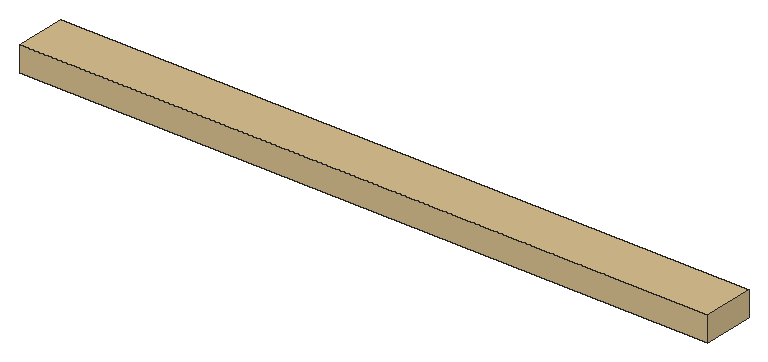
Revit family "EFHeader", category Structural Framing, Revit 2022
Family settings
  Structural Framing Length Roundoff = 0' - 0"
  Section Shape = Not Defined
  Material for Model Behavior = Wood
  Always export as geometry = No
  OmniClass Number = 23.25.30.11.14.14
  OmniClass Title = Beams
  Always vertical = Yes
  Cut with Voids When Loaded = No
  Symbolic Representation = From Project Settings
  Shared = No
  Show family pre-cut in plan views = Yes
Parameters (values of type "4X2 EFSill")
  Type Comments = "2x4"
  Structural Material = Dimensional Lumber
  Pipeline = "2x4"
  Description = "Dimension Lumber"
  A = 5.25 in²
  Assembly Code = "B10"
  Length [instance] = 5' - 0"
  b = 0' - 3 1/2"
  d = 0' - 1 3/4"
Types (5): name | b | d
  2x4 RIM Board | 0' - 1 1/2" | 0' - 3 1/2"
  4X2 Rim Board | 0' - 3 1/2" | 0' - 1 1/2"
  4X10 Rim Board | 0' - 3 1/2" | 0' - 7"
  4X2 EF | 0' - 3 1/2" | 0' - 2"
  4X2 EFSill | 0' - 3 1/2" | 0' - 1 3/4"
Reference planes (in)
  plane 1 "Center (Front/Back)": y = 0
  plane 2: z = 0
  plane 3 "Center (Left/Right)": x = 0.1815
  plane 4 "Member Left": x = -23.8185
  plane 5 "Member Right": x = 24.1815
  plane 6: y = 1.75
  plane 7: y = -1.75
  plane 8: z = 0.875
  plane 9: z = -0.875
  plane 10 "Left": x = -29.8185
  plane 11 "Stick Symbol Left": x = -17.8185
  plane 12 "Stick Symbol Right": x = 18.1815
  plane 13 "Right": x = 30.1815
Forms (in)
  Sweep 1, solid, material "Dimensional Lumber" <- "Structural Material", detail levels medium+fine
    path origin (0, 0, 0) x (1, 0, 0) y (0, 1, 0)
      loop
        line (24.1815, 0) -> (-23.8185, 0)
    profile "Rectangular Wood Beam-Profile : Rectangular Wood Beam-Profile" origin (0.1815, 0, 0) x (0, -1, 0) y (0, 0, 1)
      loop
        line (-1.75, -0.875) -> (1.75, -0.875) -> (1.75, 0.875) -> (-1.75, 0.875) -> (-1.75, -0.875)
Lines and regions (in)
  symbolic lines, style "Stick Symbols", detail levels coarse
    curve 1: line (0.1815, 1.75, 0.875) -> (0.1815, -1.75, 0.875)
    curve 2: line (0.1815, -1.75, -0.875) -> (0.1815, 1.75, -0.875)
    curve 3: line (0.1815, -1.75, 0.875) -> (0.1815, -1.75, -0.875)
    curve 4: line (0.1815, 1.75, -0.875) -> (0.1815, 1.75, 0.875)
  symbolic lines, style "Stick Symbols", detail levels medium
    curve 5: line (-23.8185, 0, 0.875) -> (24.1815, 0, 0.875)
Dimensions and locks (in)
  "b": plane 6 to plane 7
  "d": plane 9 to plane 8
  equal spacing: plane 9, plane 2, plane 8
  equal spacing: plane 6, plane 1 "Center (Front/Back)", plane 7
  "Length": plane 10 "Left" to plane 13 "Right"
  aligned and locked: Sweep 1 sketch curve to plane 1 "Center (Front/Back)"
  aligned and locked: curve 1 to Sweep 1
  aligned and locked: curve 2 to Sweep 1
  aligned and locked: curve 3 to Sweep 1
  aligned and locked: curve 4 to Sweep 1
  aligned and locked: plane 4 "Member Left" to Sweep 1 sketch curve
  aligned and locked: plane 5 "Member Right" to Sweep 1 sketch curve
  aligned and locked: plane 4 "Member Left" to curve 5
  aligned and locked: plane 5 "Member Right" to curve 5
  aligned and locked: plane 1 "Center (Front/Back)" to curve 5
